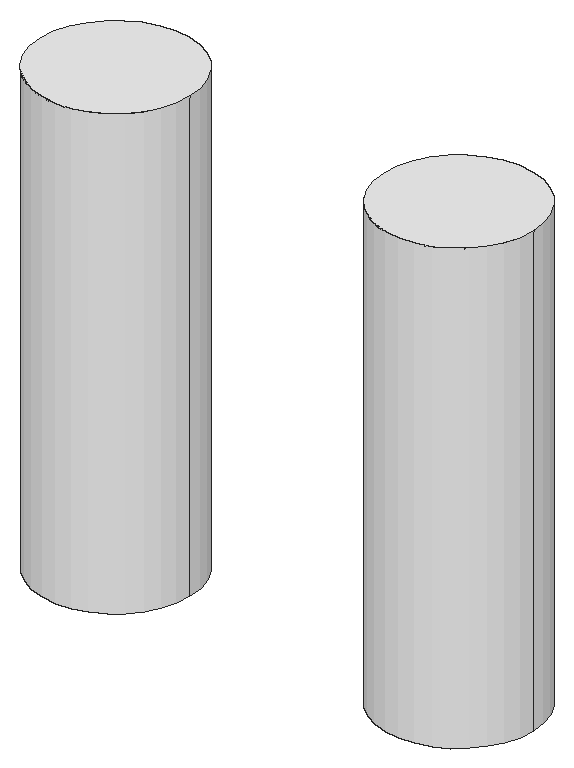
Revit family "93102219(2023)", category Plumbing Fixtures, Revit 2020
Family settings
  Round Connector Dimension = Use Diameter
  Part Type = Normal
  OmniClass Number = 23.45.55.00
  OmniClass Title = Sanitary Faucets, Wastes
  Work Plane-Based = No
  Always vertical = Yes
  Cut with Voids When Loaded = No
  Shared = No
  Room Calculation Point = No
Parameters (values of type "93102219 HANSAELECTRA")
  Working Pressure = "100 - 1000 kPa"
  WarrantyStartDate [instance] = "n/a"
  WarrantyGuarantorParts = "n/a"
  WarrantyGuarantorLabor = "n/a"
  WarrantyDurationUnit = "Year"
  WarrantyDurationParts = "n/a"
  WarrantyDurationLabor = "n/a"
  WarrantyDescription = "http://warranty.hansa.com"
  Warranty Information URL = "http://warranty.hansa.com"
  VersionDate = "20/02/2024"
  Version = "1"
  ValvePattern = "n/a"
  ValveOperation = "n/a"
  ValveMechanism = "n/a"
  Uniclass2015Reference = "Pr_40_20_87_96"
  Uniclass2015Description = "Washbasin manual water supply sets"
  Uniclass2 = "Pr_40_30_96_96"
  URL WEEE = "http://static.hansa.com/WEEE/93102219"
  URL REACH = "http://static.hansa.com/doc/reach"
  URL Materials Declaration = "http://www.hansa.com/fileadmin/resources/188802_93102219_materialsdeclaration.pdf"
  URL Environmental Product Declaration EPD = "http://www.hansa.com/fileadmin/resources/189536_Oras Group EPD_Touchless composite washbasin faucet.pdf"
  URL EcoLabel Declaration = "http://static.hansa.com/doc/EcoLabel"
  URL EU Packaging Declaration = "http://static.hansa.com/doc/packaging"
  URL Declaration of SCIP = "http://static.hansa.com/doc/SCIP"
  URL Declaration of Conformity = "http://static.hansa.com/DoC/93102219"
  URL Declaration of Asbestos = "http://static.hansa.com/doc/asbestos"
  URL Declaration Of Performance (DOP) = "http://static.hansa.com/doc/DoP"
  URL = ""
  UNSPSC Class Number = "30181700 Faucets or taps"
  Type Comments = ""
  TestPressure = "n/a"
  Temperature Adjustments = "Adjustable hot water stop (included, retrofittable);"
  Technical DataSheet URL = "http://www.hansa.com/datasheet/93102219/en"
  TagNumber [instance] = "n/a"
  SustainabilityPerformance = "n/a"
  Surface treatment = "Chrome"
  Spout Type = "Fixed spout"
  Spout Projection = "118 mm"
  Size = "70x165x190 mm"
  Short Marketing = "Electra 93 series is giving you a whole new modern design with its rounded square body and spout giving you new fresh and updated design.\nThe tall design compliments the new trends of modern bathroom of more square design and shallow sinks, where the extra height gives you more comfortable usage.\n\nKey Features\nAerator with Tilt function +/- 10° for more flexible installation\nNewest Sensor technology for better detection and operation comfort\nBluetooth technology for easy adjustment to personalize settings \nAntiscalding protection\nTemperature measurement\nBattery inside body and power cable option"
  Shape = "Sculptured"
  SerialNumber [instance] = "n/a"
  Sales Package dimensions (LxWxH) = "568 x 182 x 78"
  Revision = "n/a"
  ReplacementCost = "n/a"
  Protection Class = "IP 55"
  ProductInformation = "n/a"
  Product URL = "http://static.hansa.com/93102219"
  Product Image URL = "http://static.hansa.com/image/93102219"
  Product Family = "Safety Touchless;Battery-operated;External transformer;Bluetooth®;Lead free"
  Product Code = "93102219"
  OperatingMechanismMaterial = "n/a"
  Operating Voltage = 9 V
  Operating Distance = "20-130 mm (110/130/160 mm)"
  NominalWidth = 67.722 mm
  NominalHeight = 190 mm
  NominalDepth = 163.081 mm
  Noise Class = "I (ISO 3822) "
  Name_en = "93102219 HANSAELECTRA"
  Name = "93102219 HANSAELECTRA"
  NBSReference = "45-35-70/371"
  NBSDescription = "Water supply fittings for wash basins and troughs"
  Mounting Holes = "1 hole"
  ModelReference = "93102219"
  ModelNumber = "n/a"
  Model = "93102219 HANSAELECTRA"
  Mobile Product Information URL = "http://mpi.hansa.com/93102219"
  Mechanical Parts = "Mixing valve for manual temperature control;Non-return valve(s);Litter filter(s)"
  Max. Hot Water Supply = 70 °C
  Max Flow Period = "2 min (1 - 1800 s)"
  Material = "Composite"
  Market = "International;Germany;Austria;Switzerland;Belgium;Netherlands;Italy"
  ManufacturerURL = "http://www.hansa.com"
  ManufacturerName = "HANSA"
  Manufacturer = "HANSA"
  Long Marketing = "Bluetooth Touchless faucet with tilt aerator. +/- 10° adjustment option.\nEasy grip temperature lever for good grip and easy adjustment. \nSMART intelligent bluetooth sensor with 3 optical lenses for improved performance supported by app connection for personalized and easy adjustment of sensor settings.\nIntelligent temperature measurement and intelligent Antiscalding protection.\nMetal free waterways due to high pressure composite construction and easy installation due to fast and easy 3S installation system."
  Lever Handle = "Temperature control handle"
  Keynote = ""
  Interactive AR View URL = "https://static.hansa.com/AR/93102219"
  InstallationDate [instance] = "n/a"
  Installation and Maintenance Guide URL = "http://static.hansa.com/manual/93102219"
  Installation Type = "Deck mounted"
  InletConnectionSize = 10 mm
  IfcExportType = "FAUCET"  # constant formula
  IfcExportAs = "IfcValveType"  # constant formula
  Group = "Sales item"
  Grade = "n/a"
  FlowCoefficient = 0
  Finish = "Polished"
  Features = "Washbasin faucet"
  FaucetMainMaterial = Brass
  FDV Document URL = "http://www.hansa.com/datasheet/93102219/en/fdv"
  ExpectedLife = "n/a"
  Electronic Parts = ";Light indicated function(s);Low battery indicator"
  Electrical Connection = "9 V"
  ETIM Class Number = "EC010340 Electronic tap"
  EN Standard = "EN 15091,\nETSI EN 301 489-1 V1.9.2 , \nETSI EN 300 328 v2.2.2 , \nEN 61000-6-1:2007 , \nEN 61000-6-3:2007+A1:2011+AC:2012 , \nEN 60335-1:2012+A11+A13+A1+A14+A2+A15:2021, Part 19.11.4"
  EMC Directive = "Radio Equipment Directive 2014/53/EU , \nLow Voltage Directive 2014/35/EU , \nEMC Directive 2014/30/EU , \nRoHS Directive 2011/65/EU"
  EAN Number = "4057304019531"
  DurationUnit = "Year"
  Dimension Drawing URL = "http://static.hansa.com/dimdrw/93102219"
  Description = ""
  DefaultElevation [instance] = 900 mm
  Default Elevation = 0 mm
  Constituents = "n/a"
  Connection Size = "G3/8"
  Connection = "Flexible inlet pipes"
  Color = "Chrome"
  CodePerformance = "n/a"
  CloseOffRating = 0
  Catalog Drawing URL = "http://static.hansa.com/catdrw/93102219"
  CO2 Emissions (D) = -0.65
  CO2 Emissions (C4) = 0.83
  CO2 Emissions (C3) = 0
  CO2 Emissions (C2) = 0.01
  CO2 Emissions (A4) = 0.14
  CO2 Emissions (A1-A3) = 3.48
  Brand = "HANSA"
  BodyMaterial = "Brass"
  Bluetooth = "5.x (D060576)"
  Battery = "AA 1.5 V Lithium x 2"
  Barcode [instance] = "n/a"
  Backflow Prevention EN1717 = "EB"
  BIMObjectName = "93102219(2023)"
  Automatic Flush Period = "30 s (1-1800 s)"
  Automatic Flush Frequency = "off (off/1-120 h)"
  Author = "BIMStone"
  AssetType = "Fixed"
  AssetIdentifier [instance] = "n/a"
  Afterflow Period = "3 s (1-20 s)"
  Aerator = "PCA® - constant flow rate regardless of pressure variations;Adjustable flow angle"
  Advanced Features = "3S-installation system for safe and simple mounting;Software settings adjustable via App"
  AccessibilityPerformance = "n/a"
  3D View = "https://static.hansa.com/AR/93102219"
  2D/3D/BIM Files URL = "http://static.hansa.com/bim/93102219"
Reference planes
  plane 1 "Center (Front/Back)": y = 0
  plane 2: z = 0
  plane 3 "Center (Left/Right)": x = 0
  plane 4: x = -27.304
  plane 5: z = 900
  plane 6: z = 870
  plane 7: y = -163.081
  plane 8: x = 27.304
  plane 9: z = 1090
  plane 10: x = 40.417
Forms (mm)
  Extrusion 1, solid, material "Brass" <- "FaucetMainMaterial"
    sketch origin (0, -2.393, 0) x (1, 0, 0) y (0, 1, 0)
      loop
        circle (-11.5, -22.5) r 5
      loop
        circle (11.5, -22.5) r 5
    from 870 to 900
Dimensions and locks
  "DefaultElevation": plane 5 to level
  locked: plane 5 to plane 6 at 30
  "NominalDepth": plane 7 to plane 1 "Center (Front/Back)"
  equal spacing: plane 4, plane 3 "Center (Left/Right)", plane 8
  "NominalHeight": plane 9 to plane 5
  locked: plane 8 to plane 10 at 13.113
  "NominalWidth": plane 4 to plane 10
  "InletConnectionSize": diameter of Extrusion 1 sketch curve  (x2)
  aligned and locked: level to plane 2
  aligned and locked: plane 5 to Extrusion 1
  aligned and locked: Extrusion 1 to plane 6
  aligned and locked: plane 1 "Center (Front/Back)" to nested 2
  aligned and locked: plane 3 "Center (Left/Right)" to nested 2
  aligned and locked: plane 3 "Center (Left/Right)" to nested 1
  aligned and locked: plane 1 "Center (Front/Back)" to nested 1
  aligned and locked: plane 5 to nested 2
Automatic sketch dimensions
  Extrusion 1 sketch curve to plane 3 "Center (Left/Right)" = 11.5 mm
  plane 3 "Center (Left/Right)" to Extrusion 1 sketch curve = 11.5 mm
  plane 1 "Center (Front/Back)" to Extrusion 1 sketch curve = 24.893 mm
  Extrusion 1 sketch curve to Extrusion 1 sketch curve = 0 mm
Nested families
  nested 1: "Symbol" at (0, 0, 0), type "Symbol", detail levels coarse
  nested 2: "93102219(2023)_Body" at (0, 0, 900), Material <- "FaucetMainMaterial", type "93102219(2023)_Body"
    with Material Brass
Connectors
  piping at (-11.5, -24.893, 870), diameter 10, driven by "InletConnectionSize"
    settings: on Extrusion 1, index 1, connector inside diameter 609.6 mm, connector length 0 mm, flow factor 0, pipe flow 0.2 L/s, pressure drop 0.0 Pa, fitting loss kfactor 0, connector angle 0.00°, fixture units 0, engagement length 0 mm, angle of deflection 0.00°, flow configuration 1, flow direction 1, fitting loss method 0, system type 19, joint type 0, gender type 0, connector reference index -1, connector utility 0, adjustable connector no, is connector primary yes, connector description ""
  piping at (11.5, -24.893, 870), diameter 10, driven by "InletConnectionSize"
    settings: on Extrusion 1, index 2, connector inside diameter 609.6 mm, connector length 0 mm, flow factor 0, pipe flow 0.2 L/s, pressure drop 0.0 Pa, fitting loss kfactor 0, connector angle 0.00°, fixture units 0, engagement length 0 mm, angle of deflection 0.00°, flow configuration 1, flow direction 1, fitting loss method 0, system type 20, joint type 0, gender type 0, connector reference index -1, connector utility 0, adjustable connector no, is connector primary no, connector description ""
Definition of nested family "Symbol"
  Reference planes
    plane 1: y = 0
    plane 2: x = 0
  Lines and regions (mm)
    detail lines
      curve 1: line (0, 0, 0) -> (0, -1.8, 0)
      curve 2: line (-0.4, -1.1, 0) -> (0.4, -1.1, 0)
      curve 3: line (-0.4, -1.4, 0) -> (0.4, -1.4, 0)
      curve 4: line (0.863, 0, 0) -> (-0.863, 0, 0)
      curve 5: circle (-1.163, 0, 0) r 0.3 normal (0, 0, -1)
      curve 6: circle (1.163, 0, 0) r 0.3 normal (0, 0, 1)
